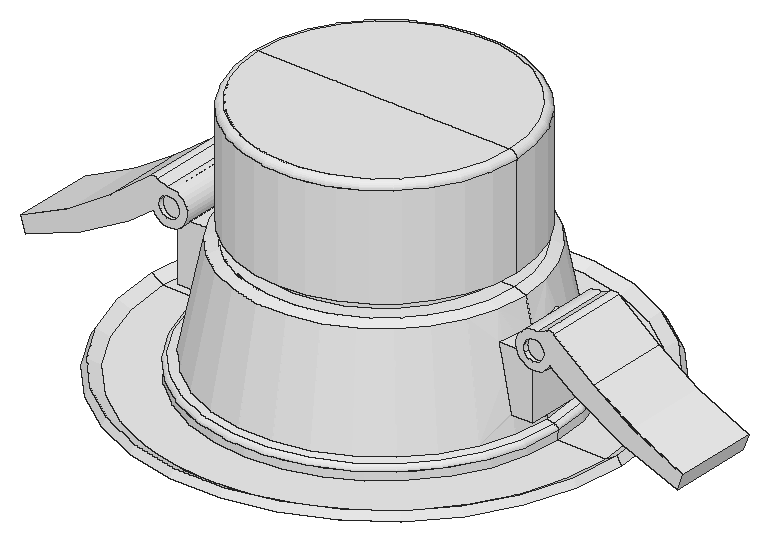
Revit family "Radian NEW 12", category Осветительные приборы, Revit 2017
Family settings
  Основа = Потолок
  Размер круглого соединителя = Использовать диаметр
  Тип детали = Нормальный
  Номер OmniClass = 23.80.70.11
  Заголовок OmniClass = Luminaries for Internal Lighting
  Всегда вертикально = Да
  При загрузке вырезать с полостями = Нет
  Источник света = Да
  Общий = Нет
  Точка расчета площади = Нет
Parameters (values of type "Radian NEW 12 5.0К")
  Wattage = 2.43029 W
  built-in parameter 1150110 = 1 (stored number, unit not read)
  built-in parameter 1114217 = 1 (stored number, unit not read)
  Tilt Angle = 90.00°
  built-in parameter 1150109 = 1 (stored number, unit not read)
  built-in parameter 1150134 = 2
  built-in parameter 1150113 = 1 (stored number, unit not read)
  Файл фотометрической сетки = "Radian NEW 12-5-D-5.0K-03.ies"
  built-in parameter 1150142 = "䕉乓㩁䵌㘭ⴳ㤱㔹਍呛卅嵔䕌䕄ൌ嬊䅄䅔㉝⸸〱㈮㄰ഷ嬊䅍啎䅆嵃䕌䕄ൌ嬊啌䍍呁剝摡慩⁮䕎⁗㈱㔯쐯㔯〮⿊㌰ഠ嬊啌䥍䅎剉嵅⃿⃿ﯭ⃵⃨ﯫ⃵⳩†਍䱛䵁䍐呁䱝䑅਍䱛䵁嵐䕓問⁌਍䥔呌丽乏൅ഊㄊ㌠ㄶ〠㤮〶〱㌶㈸㜹㜸㌠‷‱‱′ⴠ⸰〱‵ⴠ⸰〱‵〠〮㜵਍਍‱‱വഊ ‰⸲‵‵⸷‵〱ㄠ⸲‵㔱ㄠ⸷‵〲㈠⸲‵㔲㈠⸷‵〳㌠⸲‵㔳㌠⸷‵〴㐠⸲‵㔴㐠⸷‵〵㔠⸲‵㔵㔠⸷‵〶㘠⸲‵㔶㘠⸷‵〷㜠⸲‵㔷㜠⸷‵〸㠠⸲വ 㔸㠠⸷‵〹਍〠਍਍㔱‹㔱‹㔱‹㔱‷㔱‵㔱″㔱‰㐱‷㐱″㌱‸㌱″㈱‸㈱″ㄱ‷ㄱ‱〱‵㤹㤠″㘸㠠‰㐷㘠‸㈶㔠‶〵㐠‵㤳㌠‴㤲㈠‴〲ㄠ‶㈱㠠㔠㌠㈠"
  Lumens = 361 lm
  built-in parameter 1150115 = 1 (stored number, unit not read)
  built-in parameter 1150105 = 159 (stored number, unit not read)
  built-in parameter 1150137 = (empty or 0)
  built-in parameter 1150139 = (empty or 0)
  built-in parameter 1150112 = 1 (stored number, unit not read)
  built-in parameter 1150114 = 1 (stored number, unit not read)
  built-in parameter 1150132 = 2
  Комментарии к типоразмеру = "Бытовые"
  built-in parameter 1150102 = (empty or 0)
  built-in parameter 1150138 = (empty or 0)
  built-in parameter 1150107 = 5000 (stored number, unit not read)
  built-in parameter 1150106 = 1.59 (stored number, unit not read)
  Emit from Circle Diameter = 68.50 mm  # constant formula
  Изготовитель = "LEDEL"
  Emit Shape Visible in Rendering = yes
  built-in parameter 1150104 = 13.8 (stored number, unit not read)
  Dimming Lamp Color Temperature Shift = (empty or 0)
  Color Filter = 16777215
  built-in parameter 1114218 = 1 (stored number, unit not read)
  built-in parameter 1150133 = 10 (stored number, unit not read)
  Apparent Load = 5 VA
  Артикул = "503001"
Types (3, lengths in mm): name | built-in parameter 1150134 | Файл фотометрической сетки | built-in parameter 1150142 | built-in parameter 1150107 | Артикул
  (no name) | 2 | "Radian NEW 12-5-D-5.0K-03.ies" | "䕉乓㩁䵌㘭ⴳ㤱㔹਍呛卅嵔䕌䕄ൌ嬊䅄䅔㉝⸸〱㈮㄰ഷ嬊䅍啎䅆嵃䕌䕄ൌ嬊啌䍍呁剝摡慩⁮䕎⁗㈱㔯쐯㔯〮⿊㌰ഠ嬊啌䥍䅎剉嵅⃿⃿ﯭ⃵⃨ﯫ⃵⳩†਍䱛䵁䍐呁䱝䑅਍䱛䵁嵐䕓問⁌਍䥔呌丽乏൅ഊㄊ㌠ㄶ〠㤮〶〱㌶㈸㜹㜸㌠‷‱‱′ⴠ⸰〱‵ⴠ⸰〱‵〠〮㜵਍਍‱‱വഊ ‰⸲‵‵⸷‵〱ㄠ⸲‵㔱ㄠ⸷‵〲㈠⸲‵㔲㈠⸷‵〳㌠⸲‵㔳㌠⸷‵〴㐠⸲‵㔴㐠⸷‵〵㔠⸲‵㔵㔠⸷‵〶㘠⸲‵㔶㘠⸷‵〷㜠⸲‵㔷㜠⸷‵〸㠠⸲വ 㔸㠠⸷‵〹਍〠਍਍㔱‹㔱‹㔱‹㔱‷㔱‵㔱″㔱‰㐱‷㐱″㌱‸㌱″㈱‸㈱″ㄱ‷ㄱ‱〱‵㤹㤠″㘸㠠‰㐷㘠‸㈶㔠‶〵㐠‵㤳㌠‴㤲㈠‴〲ㄠ‶㈱㠠㔠㌠㈠" | 5000 (stored number, unit not read) | "503001"
  Radian NEW 12 3.0К | (empty or 0) | "Radian NEW 12-5-D-3.0K-03.ies" | "䕉乓㩁䵌㘭ⴳ㤱㔹਍呛卅嵔䕌䕄ൌ嬊䅄䅔㉝⸸〱㈮㄰ഷ嬊䅍啎䅆嵃䕌䕄ൌ嬊啌䍍呁剝摡慩⁮䕎⁗㈱㔯쐯㌯〮⿊㌰ഠ嬊啌䥍䅎剉嵅⃿⃿ﯭ⃵⃨ﯫ⃵⳩†਍䱛䵁䍐呁䱝䑅਍䱛䵁嵐䕓問⁌਍䥔呌丽乏൅ഊㄊ㌠ㄶ〠㤮〶〱㌶㈸㜹㜸㌠‷‱‱′ⴠ⸰〱‵ⴠ⸰〱‵〠〮㜵਍਍‱‱വഊ ‰⸲‵‵⸷‵〱ㄠ⸲‵㔱ㄠ⸷‵〲㈠⸲‵㔲㈠⸷‵〳㌠⸲‵㔳㌠⸷‵〴㐠⸲‵㔴㐠⸷‵〵㔠⸲‵㔵㔠⸷‵〶㘠⸲‵㔶㘠⸷‵〷㜠⸲‵㔷㜠⸷‵〸㠠⸲വ 㔸㠠⸷‵〹਍〠਍਍㔱‹㔱‹㔱‹㔱‷㔱‵㔱″㔱‰㐱‷㐱″㌱‸㌱″㈱‸㈱″ㄱ‷ㄱ‱〱‵㤹㤠″㘸㠠‰㐷㘠‸㈶㔠‶〵㐠‵㤳㌠‴㤲㈠‴〲ㄠ‶㈱㠠㔠㌠㈠" | 3000 (stored number, unit not read) | "203100500833400"
  Radian NEW 12 5.0К | 2 | "Radian NEW 12-5-D-5.0K-03.ies" | "䕉乓㩁䵌㘭ⴳ㤱㔹਍呛卅嵔䕌䕄ൌ嬊䅄䅔㉝⸸〱㈮㄰ഷ嬊䅍啎䅆嵃䕌䕄ൌ嬊啌䍍呁剝摡慩⁮䕎⁗㈱㔯쐯㔯〮⿊㌰ഠ嬊啌䥍䅎剉嵅⃿⃿ﯭ⃵⃨ﯫ⃵⳩†਍䱛䵁䍐呁䱝䑅਍䱛䵁嵐䕓問⁌਍䥔呌丽乏൅ഊㄊ㌠ㄶ〠㤮〶〱㌶㈸㜹㜸㌠‷‱‱′ⴠ⸰〱‵ⴠ⸰〱‵〠〮㜵਍਍‱‱വഊ ‰⸲‵‵⸷‵〱ㄠ⸲‵㔱ㄠ⸷‵〲㈠⸲‵㔲㈠⸷‵〳㌠⸲‵㔳㌠⸷‵〴㐠⸲‵㔴㐠⸷‵〵㔠⸲‵㔵㔠⸷‵〶㘠⸲‵㔶㘠⸷‵〷㜠⸲‵㔷㜠⸷‵〸㠠⸲വ 㔸㠠⸷‵〹਍〠਍਍㔱‹㔱‹㔱‹㔱‷㔱‵㔱″㔱‰㐱‷㐱″㌱‸㌱″㈱‸㈱″ㄱ‷ㄱ‱〱‵㤹㤠″㘸㠠‰㐷㘠‸㈶㔠‶〵㐠‵㤳㌠‴㤲㈠‴〲ㄠ‶㈱㠠㔠㌠㈠" | 5000 (stored number, unit not read) | "503001"
Reference planes
  plane 1 "Light Source Axis (F/B)": y = 0
  plane 2 "Ceiling": z = 2438.4
  plane 3 "Light Source Axis (L/R)": x = 0
  plane 4 "Light Source Elevation": z = 2435.9
Forms (mm)
  Revolve 1, solid, material "Aluminum"
    sketch origin (0, 0, -2.5) x (1, 0, 0) y (0, 0, 1)
      loop
        line (0, 2438.4) -> (0, 2495.043) -> (-27.836, 2495.043)
        arc (-27.836, 2495.043) -> (-28.896, 2494.603) -> (-29.336, 2493.543) r 1.5
        line (-29.336, 2493.543) -> (-29.336, 2471.043) -> (-25.436, 2471.043) -> (-25.436, 2468.043) -> (-28.869, 2468.043) -> (-31.274, 2467.167)
        spline (-31.274, 2467.167) -> (-31.819, 2465.095) -> (-32.334, 2463.055) -> (-32.82, 2461.046) -> (-33.276, 2459.068) -> (-33.704, 2457.121) -> (-34.102, 2455.205) -> (-34.47, 2453.321) -> (-34.81, 2451.468) -> (-35.12, 2449.646) -> (-35.401, 2447.855) -> (-35.652, 2446.095) -> (-35.874, 2444.367)
        line (-35.874, 2444.367) -> (-37.569, 2444.037)
        arc (-37.569, 2444.037) -> (-38.246, 2443.622) -> (-38.511, 2442.873) r 1.19
        line (-38.511, 2442.873) -> (-38.511, 2441.137) -> (-49, 2441.137) -> (-51.563, 2442.572) -> (-52.5, 2440.9) -> (-50, 2439.5) -> (-40, 2438.4) -> (0, 2438.4)
      loop
        line (-15.682, 2468.043) -> (-4.982, 2468.043) -> (-4.982, 2471.043) -> (-15.682, 2471.043) -> (-15.682, 2468.043)
      axis (0, 2495.043) -> (0, 2438.4)
    angle from 0 to 360
  Extrusion 2, solid, material "Aluminum"
    sketch origin (0, 0, 0) x (1, 0, 0) y (0, 0, 1)
      loop
        line (-30.633, 2445.776) -> (-30.633, 2459.237) -> (-36.789, 2459.237) -> (-36.789, 2461.283)
        arc (-36.789, 2461.283) -> (-43.111, 2463.245) -> (-39.336, 2457.808) r 3.5
        line (-39.336, 2457.808) -> (-39.336, 2445.776) -> (-30.633, 2445.776)
    from -8 to 8
  Extrusion 3, solid, material "Aluminum"
    sketch origin (0, 0, 0) x (1, 0, 0) y (0, 0, 1)
      loop
        arc (-43.944, 2459.231) -> (-36.784, 2459.181) -> (-41.055, 2464.928) r 4
        line (-41.055, 2464.928) -> (-42.879, 2465.847)
        arc (-42.879, 2465.847) -> (-43.809, 2466.023) -> (-44.692, 2465.68) r 1.718
        line (-44.692, 2465.68) -> (-53.625, 2458.885)
        spline (-53.625, 2458.885) -> (-55.051, 2457.828) -> (-56.516, 2456.797) -> (-58.022, 2455.79) -> (-59.568, 2454.808) -> (-61.154, 2453.851) -> (-62.781, 2452.919) -> (-64.449, 2452.012) -> (-66.157, 2451.131) -> (-67.906, 2450.274) -> (-69.695, 2449.443) -> (-71.526, 2448.637) -> (-73.397, 2447.856)
        line (-73.397, 2447.856) -> (-72.289, 2444.498)
        spline (-72.289, 2444.498) -> (-70.155, 2445.189) -> (-68.061, 2445.915) -> (-66.007, 2446.677) -> (-63.994, 2447.473) -> (-62.022, 2448.304) -> (-60.09, 2449.171) -> (-58.199, 2450.072) -> (-56.349, 2451.009) -> (-54.541, 2451.981) -> (-52.773, 2452.989) -> (-51.047, 2454.032) -> (-49.362, 2455.11)
        line (-49.362, 2455.11) -> (-43.944, 2459.231)
      loop
        circle (-40.352, 2460.99) r 2.3
    from -9 to 9
  Extrusion 4, solid, material "Aluminum"
    sketch origin (0, 0, 0) x (-1, 0, 0) y (0, 0, -1)
      loop
        line (-30.633, -2445.776) -> (-39.336, -2445.776) -> (-39.336, -2457.808)
        arc (-39.336, -2457.808) -> (-43.111, -2463.245) -> (-36.789, -2461.283) r 3.5
        line (-36.789, -2461.283) -> (-36.789, -2459.237) -> (-30.633, -2459.237) -> (-30.633, -2445.776)
    from -8 to 8
  Extrusion 5, solid, material "Aluminum"
    sketch origin (0, 0, 0) x (-1, 0, 0) y (0, 0, -1)
      loop
        line (-43.944, -2459.231) -> (-49.362, -2455.11)
        spline (-49.362, -2455.11) -> (-51.047, -2454.032) -> (-52.773, -2452.989) -> (-54.541, -2451.981) -> (-56.349, -2451.009) -> (-58.199, -2450.072) -> (-60.09, -2449.171) -> (-62.022, -2448.304) -> (-63.994, -2447.473) -> (-66.007, -2446.677) -> (-68.061, -2445.915) -> (-70.155, -2445.189) -> (-72.289, -2444.498)
        line (-72.289, -2444.498) -> (-73.397, -2447.856)
        spline (-73.397, -2447.856) -> (-71.526, -2448.637) -> (-69.695, -2449.443) -> (-67.906, -2450.274) -> (-66.157, -2451.131) -> (-64.449, -2452.012) -> (-62.781, -2452.919) -> (-61.154, -2453.851) -> (-59.568, -2454.808) -> (-58.022, -2455.79) -> (-56.516, -2456.797) -> (-55.051, -2457.828) -> (-53.625, -2458.885)
        line (-53.625, -2458.885) -> (-44.692, -2465.68)
        arc (-44.692, -2465.68) -> (-43.809, -2466.023) -> (-42.879, -2465.847) r 1.718
        line (-42.879, -2465.847) -> (-41.055, -2464.928)
        arc (-41.055, -2464.928) -> (-36.784, -2459.181) -> (-43.944, -2459.231) r 4
      loop
        circle (-40.352, -2460.99) r 2.3
    from -9 to 9
Cuts and joins
  joined: Revolve 1, Extrusion 2, Extrusion 4
Dimensions and locks
  equal spacing: host sketch curve, plane 3 "Light Source Axis (L/R)", host sketch curve
  equal spacing: host sketch curve, plane 1 "Light Source Axis (F/B)", host sketch curve
  host sketch curve to host sketch curve = 3048.00 mm  (x2)
  aligned and locked: plane 3 "Light Source Axis (L/R)" to imposter light
  aligned and locked: plane 1 "Light Source Axis (F/B)" to imposter light
  aligned and locked: plane 4 "Light Source Elevation" to imposter light
Connectors
  electrical at (0, 0, 2465.543), driven by "Apparent Load"
    settings: on Revolve 1, index 1, voltage 230 V, apparent load 5 VA, apparent load phase1 5 VA, apparent load phase2 0 VA, apparent load phase3 0 VA, power factor 1, load classification "Other", number of poles 1, system type 30, power factor state 1, is connector primary yes, connector utility no, sub classification motor no, connector description ""
